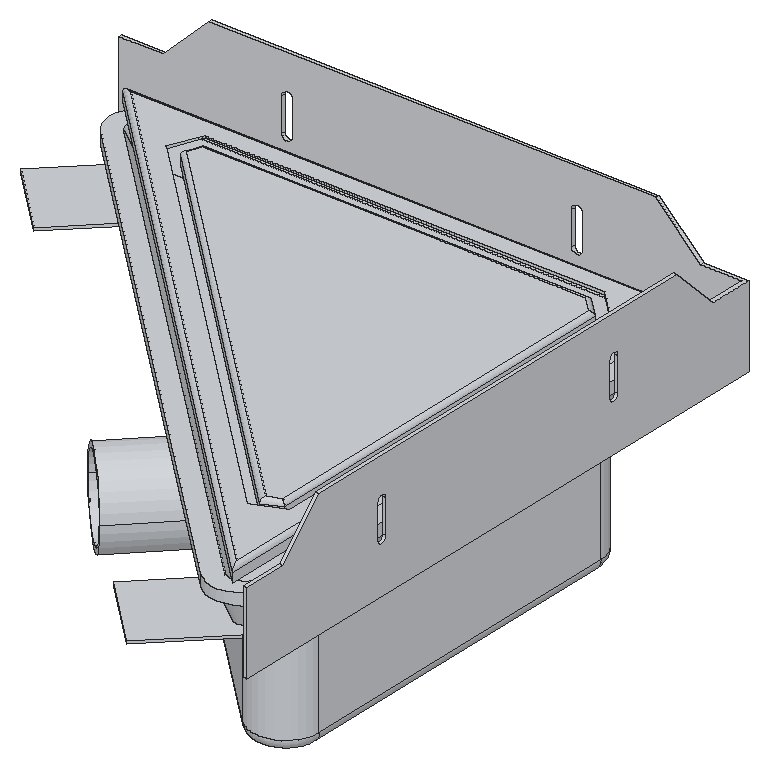
Revit family "S-790", category Plumbing Fixtures, Revit 2015
Parameters (values of type "S-790_40_SOFT")
  WFU = 1
  URL = "http://www.jimten.com/en/producto/364/sumidero-linnum-triangular-sorientable"
  Total Minimum Height = "98-108mm"  # constant formula
  Size = "236mm x 331mm x 236 mm"
  Reference = "13351"
  Outlet = "40H"
  Model = "S-790"  # constant formula
  Material = ABS
  Hmin = 6 mm  # constant formula
  Hmax = 16 mm  # constant formula
  Hidraulic seal = "50 mm"  # constant formula
  HCal [instance] = if(HeightGrid < Hmax, if(HeightGrid > Hmin, HeightGrid, Hmin), Hmax)  # 10 mm
  HeightGrid [instance] = 10 mm
  Manufacturer = "Jimten"  # constant formula
  Grid = INOX AISI304
  Flowrate = 0.8 L/s  # constant formula
  F = 50 mm
  E = 40 mm
  Dmin = 10 mm  # constant formula
  Dmax = 26 mm  # constant formula
  Description = "STRIANGULAR FLOOR GULLY FOR CORNER TILED SHOWERS, REMOVABLE TRAP, ORIENTABLE HORIZONTAL OUTLET, WITH TILLABLE SOFT GRID, HEIGHT REGULATION"  # constant formula
  DCal [instance] = if(D < Dmax, if(D > Dmin, D, Dmin), Dmax)  # 10 mm
  D [instance] = 10 mm
  Type Comments = "WITH WALL FIXATION, WITH PRESSING RING FOR WATERPROOFING PVC OR GEOTEXTILE MEMBRANES. WITH PROTECTION COVER.  WITH GRID HEIGHT ADJUSTABLE."  # constant formula
Types (2, lengths in mm): name | Reference | Outlet
  S-790_40-50_SOFT | "13350" | "40M/50M"
  S-790_40_SOFT | "13351" | "40H"
Reference planes
  plane 1 "Center (Front/Back)": y = 0
  plane 2: z = 0
  plane 3 "Center (Left/Right)": x = 0
  plane 4: z = -10
  plane 5: y = -10
  plane 6: x = -10
Dimensions and locks
  "HCal": level to plane 4
  "DCal": plane 5 to plane 1 "Center (Front/Back)"
  "DCal": plane 6 to plane 3 "Center (Left/Right)"
  locked: nested 2 to nested 1 at 9.5
  locked: nested 1 to nested 2 at 9.5
  aligned and locked: level to plane 2
  aligned and locked: plane 4 to nested 1
  aligned and locked: plane 6 to nested 1
  aligned and locked: plane 5 to nested 1
  aligned and locked: plane 1 "Center (Front/Back)" to nested 3
  aligned and locked: plane 3 "Center (Left/Right)" to nested 3
  aligned and locked: nested 3 to nested 1
Nested families
  nested 1: "S-790_Outlet" at (-10, -10, -10), type "S-790_Outlet"
  nested 2: "S-790_RejillaSoft" at (-10, -10, 0), type "S-790_RejillaSoft"
  nested 3: "S-790_Fijo" at (0, 0, -29), type "S-790_Fijo"
Connectors
  piping at (-162.514, -162.514, -66.621), diameter 40, driven by "E", driven by "WFU", driven by "Flowrate"
    settings: on nested 1, index 1, connector inside diameter 609.6 mm, connector length 0 mm, flow factor 0, pipe flow 0.8 L/s, pressure drop 0.0 Pa, fitting loss kfactor 0, connector angle 0.00°, fixture units 1, engagement length 0 mm, angle of deflection 0.00°, flow configuration 0, flow direction 2, fitting loss method 0, system type 16, joint type 0, gender type 0, connector reference index -1, connector utility 0, adjustable connector yes, is connector primary yes, connector description ""
Definition of nested family "S-790_Outlet"
  Parameters (values of type "S-790_Outlet")
    MaterialOutlet = none
    F = 50 mm
    Eint = E - 5 mm  # 35 mm
    E = 40 mm
    G = 91.778 mm
    C = 394.5 mm
    B = 255 mm
    A = 188 mm
  Reference planes
    plane 1 "Center (Front/Back)": y = 0
    plane 2: z = 0
    plane 3 "Center (Left/Right)": x = 0
    plane 4: z = -91.778
    plane 5 "E2": z = -56.621
    plane 6: x = -255
    plane 7: y = -255
    plane 8 "A1": through (-265.872, -10.872, 1200) normal (0.7071, 0.7071, 0)
    plane 9 "A2": through (-127.339, 116.466, 1200) normal (0.7071, 0.7071, 0)
    plane 10 "E": through (-196.532, -51.928, 1200) normal (0.7071, 0.7071, 0)
    plane 11: through (0, 0, 1200) normal (0.7071, -0.7071, 0)
    plane 12: through (-318.87, 13.842, 1200) normal (0.7071, 0.7071, 0)
  Forms (mm)
    Sweep 1, solid
      path origin (0, 0, 0) x (1, 0, 0) y (0, 1, 0)
        loop
          line (-250.284, -26.46) -> (-26.46, -250.284)
          arc (-26.46, -250.284) -> (-9.568, -253.644) -> (0, -239.324) r 15.5
          line (0, -239.324) -> (0, -18.5)
          arc (0, -18.5) -> (-5.419, -5.419) -> (-18.5, 0) r 18.5
          line (-18.5, 0) -> (-239.324, 0)
          arc (-239.324, 0) -> (-253.644, -9.568) -> (-250.284, -26.46) r 15.5
      profile origin (-138.372, -138.372, 0) x (0.707107, 0.707107, 0) y (0, 0, 1)
        loop
          line (0, 0) -> (0, -5) -> (5, -5) -> (11.133, -19) -> (14.402, -19) -> (14.402, -14) -> (8.268, 0) -> (0, 0)
    Extrusion 2, solid
      sketch origin (0, 0, 0) x (1, 0, 0) y (0, 1, 0)
        loop
          line (-240.101, -16.277) -> (-16.277, -240.101)
          arc (-16.277, -240.101) -> (-15.08, -240.339) -> (-14.402, -239.324) r 1.098
          line (-14.402, -239.324) -> (-14.402, -18.5)
          arc (-14.402, -18.5) -> (-15.602, -15.602) -> (-18.5, -14.402) r 4.098
          line (-18.5, -14.402) -> (-239.324, -14.402)
          arc (-239.324, -14.402) -> (-240.339, -15.08) -> (-240.101, -16.277) r 1.098
        loop
          circle (-80.08, -80.08) r 25
      from -19 to -14
    Sweep 3, solid
      path origin (131.491, -10.422, -19) x (0, -1, 0) y (1, 0, 0)
        loop
          line (9.578, -166.491) -> (9.578, -323.738)
          arc (9.578, -323.738) -> (18.838, -337.596) -> (35.185, -334.344) r 15
          line (35.185, -334.344) -> (192.432, -177.098)
          arc (192.432, -177.098) -> (195.683, -160.751) -> (181.825, -151.491) r 15
          line (181.825, -151.491) -> (24.578, -151.491)
          arc (24.578, -151.491) -> (13.971, -155.884) -> (9.578, -166.491) r 15
      profile origin (-113.623, -20, -19) x (0, -1, 0) y (0, 0, 1)
        loop
          line (0, 0) -> (0, -67.778)
          arc (0, -67.778) -> (1.464, -71.314) -> (5, -72.778) r 5
          line (5, -72.778) -> (5, 0) -> (0, 0)
    Extrusion 4, solid
      sketch origin (0, 0, 0) x (1, 0, 0) y (0, 1, 0)
        loop
          line (-199.318, -42.071) -> (-42.071, -199.318)
          arc (-42.071, -199.318) -> (-31.173, -201.486) -> (-25, -192.247) r 10
          line (-25, -192.247) -> (-25, -35)
          arc (-25, -35) -> (-27.929, -27.929) -> (-35, -25) r 10
          line (-35, -25) -> (-192.247, -25)
          arc (-192.247, -25) -> (-201.486, -31.173) -> (-199.318, -42.071) r 10
      from -91.778 to -86.6
    Extrusion 5, solid
      sketch origin (-105.039, -143.421, 0) x (-0.707107, 0.707107, 0) y (0, 0, 1)
        loop
          circle (27.14, -56.621) r 20
        loop
          circle (27.14, -56.621) r 17.5
      from -40 to 0
    Extrusion 6, void
      sketch origin (-124.23, -124.23, 0) x (-0.707107, 0.707107, 0) y (0, 0, 1)
        loop
          circle (0, -56.621) r 17.5
      from 0 to 5
  Cuts and joins
    joined: Sweep 1, Extrusion 2
    Extrusion 6 cuts Sweep 3
    joined: Sweep 3, Extrusion 4, Extrusion 5
  Dimensions and locks
    "G": level to plane 4
    plane 5 "E2" to plane 4 = 35.157 mm
    "B": plane 6 to plane 3 "Center (Left/Right)"
    "B": plane 7 to plane 1 "Center (Front/Back)"
    "A": plane 9 "A2" to plane 8 "A1"
    plane 8 "A1" to plane 12 = 20 mm
    "Eint": diameter of Extrusion 5 sketch curve
    "E": diameter of Extrusion 5 sketch curve
    aligned and locked: level to plane 2
    aligned and locked: Sweep 1 sketch curve to plane 1 "Center (Front/Back)"
    aligned and locked: plane 3 "Center (Left/Right)" to Sweep 1 sketch curve
    aligned and locked: Sweep 1 sketch curve to plane 8 "A1"
    aligned and locked: Extrusion 2 sketch curve to Sweep 1  (x3)
    aligned and locked: Sweep 1 to Extrusion 2
    aligned and locked: Extrusion 2 to Sweep 1
    aligned and locked: Sweep 3 to plane 4
    aligned and locked: Sweep 3 to cut or joined group of Sweep 1, Extrusion 2
    aligned and locked: Extrusion 4 sketch curve to Sweep 3  (x3)
    aligned and locked: Extrusion 4 to Sweep 3
    aligned and locked: plane 5 "E2" to Extrusion 5 sketch curve
    aligned and locked: Extrusion 6 sketch curve to Extrusion 5
    aligned and locked: Extrusion 5 to plane 12
  Automatic sketch dimensions
    plane 7 to Sweep 1 sketch curve = 15.676 mm
    Sweep 1 sketch curve to plane 3 "Center (Left/Right)" = 18.5 mm
    plane 7 to Sweep 1 sketch curve = 4.716 mm
    plane 6 to Sweep 1 sketch curve = 15.676 mm
    plane 6 to Sweep 1 sketch curve = 4.716 mm
    Sweep 1 sketch curve to profile plane = 0 mm
    Sweep 1 sketch curve to level = 0 mm
    Sweep 1 sketch curve to profile plane = 8.268 mm
    Sweep 1 sketch curve to profile plane = 11.133 mm
    Sweep 1 sketch curve to Sweep 1 sketch curve = 3.268 mm
    Sweep 1 sketch curve to Sweep 1 sketch curve = 5 mm  (x2)
    Sweep 1 sketch curve to Sweep 1 sketch curve = 14 mm
    Sweep 1 sketch curve to profile plane = 5 mm
    Extrusion 2 sketch curve to Extrusion 2 sketch curve = 0.777 mm
    Extrusion 2 sketch curve to plane 3 "Center (Left/Right)" = 80.08 mm
    plane 7 to Extrusion 2 sketch curve = 14.899 mm
    plane 1 "Center (Front/Back)" to Extrusion 2 sketch curve = 80.08 mm
    Sweep 3 sketch curve to Sweep 3 sketch curve = 15 mm
    Sweep 3 sketch curve to Sweep 3 sketch curve = 10.607 mm  (x2)
    Sweep 3 sketch curve to Sweep 3 sketch curve = 157.247 mm  (x3)
    Sweep 3 sketch curve to profile plane = 0 mm  (x2)
    Sweep 3 sketch curve to profile plane = 5 mm
    Sweep 3 sketch curve to profile plane = 67.778 mm
    Extrusion 4 sketch curve to Extrusion 4 sketch curve = 7.071 mm
    plane 1 "Center (Front/Back)" to Extrusion 4 sketch curve = 42.071 mm
    plane 11 to Sweep 3 sketch curve = 0 mm
    Sweep 3 sketch curve to plane 10 "E" = 0 mm  (x2)
    Extrusion 5 sketch curve to Extrusion 5 sketch curve = 0 mm  (x2)
    Extrusion 5 sketch curve to plane 11 = 0 mm
    radius of Extrusion 2 sketch curve = 25 mm
Definition of nested family "S-790_RejillaSoft"
  Parameters (values of type "S-790_RejillaSoft")
    MaterialRejilla = none
    K = 169 mm
    J = 331.5 mm
    I = 236 mm
  Reference planes
    plane 1 "Center (Front/Back)": y = 0
    plane 2: z = 0
    plane 3 "Center (Left/Right)": x = 0
    plane 4: x = -255
    plane 5: y = -255
    plane 6 "A1": through (-265.872, -10.872, 1200) normal (0.7071, 0.7071, 0)
    plane 7 "A2": through (-127.339, 116.466, 1200) normal (0.7071, 0.7071, 0)
    plane 8: through (0, 0, 1200) normal (0.7071, -0.7071, 0)
    plane 9: through (-301.281, 37.971, 1200) normal (0.7071, 0.7071, 0)
    plane 10: through (-188.106, 163.799, 1200) normal (0.7071, 0.7071, 0)
    plane 11: y = -9.5
    plane 12: y = -245.5
    plane 13: x = -245.5
    plane 14: x = -9.5
  Forms (mm)
    Extrusion 1, solid
      sketch origin (0, 0, 0) x (1, 0, 0) y (0, 1, 0)
        loop
          line (-30.531, -19.5) -> (-209.244, -19.5) -> (-215.226, -33.942) -> (-33.942, -215.226) -> (-19.5, -209.244) -> (-19.5, -30.531) -> (-30.531, -19.5)
        loop
          line (-248.981, -11.5) -> (-11.5, -248.981) -> (-11.5, -11.5) -> (-248.981, -11.5)
      from -1 to 0
    Sweep 2, solid
      path origin (0, 0, 0) x (1, 0, 0) y (0, 1, 0)
        loop
          line (-209.328, -32.768) -> (-32.768, -209.328) -> (-24.5, -205.903) -> (-24.5, -32.602) -> (-32.602, -24.5) -> (-205.903, -24.5) -> (-209.328, -32.768)
      profile origin (-121.048, -121.048, 0) x (0.707107, 0.707107, 0) y (0, 0, 1)
        loop
          line (0, -2) -> (0, -6) -> (2, -6) -> (2, 0)
          arc (2, 0) -> (0.586, -0.586) -> (0, -2) r 2
    Extrusion 3, solid
      sketch origin (0, 0, 0) x (1, 0, 0) y (0, 1, 0)
        loop
          line (-206.969, -32.299) -> (-32.299, -206.969) -> (-26.5, -204.567) -> (-26.5, -33.43) -> (-33.43, -26.5) -> (-204.567, -26.5) -> (-206.969, -32.299)
      from -1 to 0
    Sweep 4, solid
      path origin (-265, 0, 0) x (1, 0, 0) y (0, 1, 0)
        loop
          line (11.191, -9.5) -> (255.5, -253.809) -> (255.5, -9.5) -> (11.191, -9.5)
      profile origin (-131.655, -131.655, 0) x (0.707107, 0.707107, 0) y (0, 0, 1)
        loop
          line (0, -2) -> (0, -6) -> (2, -6) -> (2, 0)
          arc (2, 0) -> (0.586, -0.586) -> (0, -2) r 2
  Cuts and joins
    joined: Extrusion 1, Sweep 4
    joined: Sweep 2, Extrusion 3
  Dimensions and locks
    "K": plane 10 to plane 9
    "I": plane 13 to plane 14
    "I": plane 11 to plane 12
    aligned and locked: level to plane 2
    aligned and locked: level to Extrusion 1
    aligned and locked: Extrusion 3 sketch curve to Sweep 2  (x4)
    aligned and locked: Sweep 2 to Extrusion 3 sketch curve  (x2)
    aligned and locked: Extrusion 1 to Extrusion 3  (x2)
  Automatic sketch dimensions
    plane 13 to Sweep 2 sketch curve = 36.172 mm
    Sweep 2 sketch curve to plane 11 = 15 mm
    Sweep 2 sketch curve to Sweep 2 sketch curve = 3.425 mm  (x2)
    Sweep 2 sketch curve to plane 14 = 23.268 mm
    Sweep 2 sketch curve to plane 14 = 23.102 mm
    Sweep 2 sketch curve to Sweep 2 sketch curve = 8.102 mm  (x2)
    Sweep 2 sketch curve to Sweep 2 sketch curve = 8.268 mm
    plane 12 to Sweep 2 sketch curve = 39.597 mm
    Sweep 2 sketch curve to profile plane = 0 mm
    Sweep 2 sketch curve to level = 0 mm
    Sweep 2 sketch curve to profile plane = 2 mm
    Sweep 2 sketch curve to Sweep 2 sketch curve = 4 mm
    Sweep 4 sketch curve to profile plane = 0 mm
    Sweep 4 sketch curve to level = 0 mm
    Sweep 4 sketch curve to profile plane = 2 mm
    Sweep 4 sketch curve to Sweep 4 sketch curve = 4 mm
    Extrusion 1 sketch curve to plane 8 = 0 mm
    plane 13 to Extrusion 1 sketch curve = 30.274 mm
    Extrusion 1 sketch curve to Extrusion 1 sketch curve = 5.982 mm  (x2)
    Extrusion 1 sketch curve to plane 14 = 24.442 mm
    Extrusion 1 sketch curve to plane 11 = 10 mm
    Extrusion 1 sketch curve to plane 14 = 21.031 mm
    Extrusion 1 sketch curve to plane 14 = 10 mm
    Extrusion 1 sketch curve to plane 14 = 2 mm
    Extrusion 1 sketch curve to Extrusion 1 sketch curve = 11.031 mm
    Extrusion 1 sketch curve to Extrusion 1 sketch curve = 14.442 mm
    plane 12 to Extrusion 1 sketch curve = 36.256 mm
    Extrusion 1 sketch curve to plane 12 = 3.481 mm
    Extrusion 1 sketch curve to plane 13 = 3.481 mm
    Sweep 4 sketch curve to plane 9 = 0 mm  (x2)
    Sweep 4 sketch curve to plane 11 = 0 mm
    plane 8 to Sweep 4 sketch curve = 0 mm
Definition of nested family "S-790_Fijo"
  Parameters (values of type "S-790_Fijo")
    WFU = 1
    Material = none
  Reference planes
    plane 1 "Center (Front/Back)": y = 0
    plane 2: z = 0
    plane 3 "Center (Left/Right)": x = 0
    plane 4: z = -1.5
    plane 5: z = 55
  Forms (mm)
    Extrusion 1, solid
      sketch origin (0, 0, 0) x (1, 0, 0) y (0, 1, 0)
        loop
          line (-280, 0) -> (-280, -1.5) -> (-267.088, -1.5) -> (-258.661, -19.519) -> (-287.071, -47.929) -> (-257.224, -77.776) -> (-208.949, -29.5) -> (-40.531, -29.5) -> (-29.5, -40.531) -> (-29.5, -208.949) -> (-77.776, -257.224) -> (-47.929, -287.071) -> (-19.519, -258.661) -> (-1.5, -267.088) -> (-1.5, -280) -> (0, -280) -> (0, 0) -> (-280, 0)
      from -1.5 to 0
    Extrusion 2, solid
      sketch origin (0, 0, 0) x (1, 0, 0) y (0, 1, 0)
        loop
          line (-280, 0) -> (-280, -1.5) -> (-1.5, -1.5) -> (-1.5, -280) -> (0, -280) -> (0, 0) -> (-280, 0)
      from 0 to 55
    Extrusion 3, void
      sketch origin (0, 0, 0) x (1, 0, 0) y (0, 0, 1)
        loop
          line (-207.298, 36.892) -> (-207.298, 21.892)
          arc (-207.298, 21.892) -> (-204.798, 19.392) -> (-202.298, 21.892) r 2.5
          line (-202.298, 21.892) -> (-202.298, 36.892)
          arc (-202.298, 36.892) -> (-204.798, 39.392) -> (-207.298, 36.892) r 2.5
        loop
          line (-280, 35) -> (-260, 35) -> (-240, 55) -> (-280, 55) -> (-280, 35)
        loop
          arc (-72.702, 36.892) -> (-75.202, 39.392) -> (-77.702, 36.892) r 2.5
          line (-77.702, 36.892) -> (-77.702, 21.892)
          arc (-77.702, 21.892) -> (-75.202, 19.392) -> (-72.702, 21.892) r 2.5
          line (-72.702, 21.892) -> (-72.702, 36.892)
        loop
          line (0, 35) -> (0, 55) -> (-40, 55) -> (-20, 35) -> (0, 35)
      from 0 to 1.5
    Extrusion 4, void
      sketch origin (0, 0, 0) x (0, 1, 0) y (0, 0, 1)
        loop
          arc (-72.702, 36.892) -> (-75.202, 39.392) -> (-77.702, 36.892) r 2.5
          line (-77.702, 36.892) -> (-77.702, 21.892)
          arc (-77.702, 21.892) -> (-75.202, 19.392) -> (-72.702, 21.892) r 2.5
          line (-72.702, 21.892) -> (-72.702, 36.892)
        loop
          line (0, 35) -> (0, 55) -> (-40, 55) -> (-20, 35) -> (0, 35)
        loop
          line (-207.298, 36.892) -> (-207.298, 21.892)
          arc (-207.298, 21.892) -> (-204.798, 19.392) -> (-202.298, 21.892) r 2.5
          line (-202.298, 21.892) -> (-202.298, 36.892)
          arc (-202.298, 36.892) -> (-204.798, 39.392) -> (-207.298, 36.892) r 2.5
        loop
          line (-280, 35) -> (-260, 35) -> (-240, 55) -> (-280, 55) -> (-280, 35)
      from -1.5 to 0
  Cuts and joins
    Extrusion 3, Extrusion 4 cuts Extrusion 2
    joined: Extrusion 1, Extrusion 2
  Dimensions and locks
    locked: level to plane 4 at 1.5
    locked: plane 5 to level at 55
    locked: level to plane 5 at 55
    locked: plane 4 to plane 2 at 1.5
    aligned and locked: level to plane 2
    aligned and locked: Extrusion 1 to plane 4
    aligned and locked: Extrusion 2 sketch curve to Extrusion 1
    aligned and locked: plane 1 "Center (Front/Back)" to Extrusion 2 sketch curve
    aligned and locked: Extrusion 3 to plane 1 "Center (Front/Back)"
    aligned and locked: Extrusion 2 to Extrusion 3
    aligned and locked: Extrusion 2 to Extrusion 4
    aligned and locked: plane 3 "Center (Left/Right)" to Extrusion 4
    aligned and locked: plane 5 to cut or joined group of Extrusion 1, Extrusion 2, Extrusion 3, Extrusion 4
    aligned and locked: cut or joined group of Extrusion 1, Extrusion 2, Extrusion 3, Extrusion 4 to plane 5
    aligned and locked: cut or joined group of Extrusion 1, Extrusion 2, Extrusion 3, Extrusion 4 to plane 4
